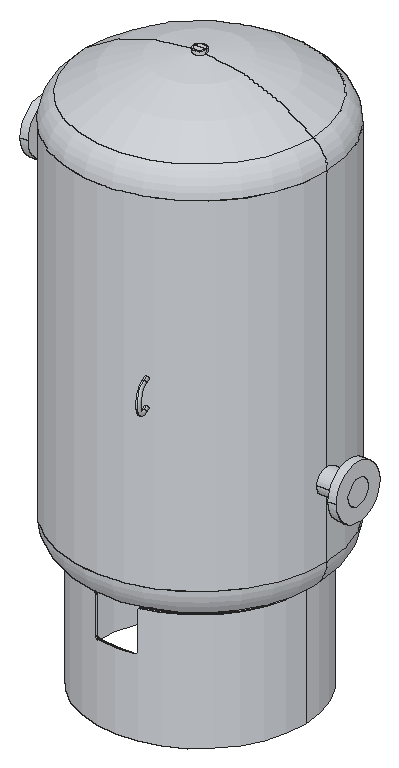
Revit family "HWBT-300-3-125 and 150", category Mechanical Equipment, Revit 2014
Parameters (values of type "HWBT-300-3-125 and 150")
  Tank Weight = "683 lbs @ 125, 751 lbs @ 150"
  Tank Volume = "300 Gal"
  Tank Height = "80 3/8\""
  Tank Diameter = "36\""
  Note = "All dimensions and weights are approximate"
  Maximum Acceptance Volume = "N/A"
  Max Operating Temp = "450° F"
  Max Operating Pressure = "125psi, or 150psi (depending on model)"
  Connector Size = "3\""
Reference planes (in)
  plane 1 "Center (Front/Back)": y = 0
  plane 2: z = 0
  plane 3 "Center (Left/Right)": x = 0
Forms (in)
  Sweep 1, solid
    path origin (0.00567, -0.22084, -0.12453) x (0.338389, -0.941006, 0) y (0, 0, 1)
      loop
        line (17.83546, 48.42089) -> (18.83546, 48.42089)
        arc (18.83546, 48.42089) -> (20.71046, 46.54589) -> (18.83546, 44.67089) r 1.875
        line (18.83546, 44.67089) -> (17.83546, 44.67089)
    profile origin (6.21019, -17.47463, 48.29636) x (0, 0, 1) y (-0.941006, -0.338389, 0)
      loop
        circle (0, 0) r 0.25
  Extrusion 2, solid
    sketch origin (0, 0, 0) x (1, 0, 0) y (0, 1, 0)
      loop
        circle (0, 0) r 15
      loop
        circle (0, 0) r 14.8125
    from 0 to 17
  Extrusion 3, void
    sketch origin (0, 0, 0) x (1, 0, 0) y (0, 0, 1)
      loop
        arc (-3.4137, 17) -> (-3.12117, 16.87883) -> (-3, 16.5863) r 0.4137
        line (-3, 16.5863) -> (-3, 11.4137)
        arc (-3, 11.4137) -> (-2.87883, 11.12117) -> (-2.5863, 11) r 0.4137
        line (-2.5863, 11) -> (2.5863, 11)
        arc (2.5863, 11) -> (2.87883, 11.12117) -> (3, 11.4137) r 0.4137
        line (3, 11.4137) -> (3, 16.5863)
        arc (3, 16.5863) -> (3.12117, 16.87883) -> (3.4137, 17) r 0.4137
        line (3.4137, 17) -> (3.45066, 17.20962) -> (-3.4137, 17.20962) -> (-3.4137, 17)
    from 0 to 18
  Extrusion 4, void
    sketch origin (0, 0, 0) x (1, 0, 0) y (0, 0, 1)
      loop
        line (-6, 17) -> (-6, 2.4137)
        arc (-6, 2.4137) -> (-5.87883, 2.12117) -> (-5.5863, 2) r 0.4137
        line (-5.5863, 2) -> (5.5863, 2)
        arc (5.5863, 2) -> (5.87883, 2.12117) -> (6, 2.4137) r 0.4137
        line (6, 2.4137) -> (6, 17.6637) -> (-6, 17.6637) -> (-6, 17)
    from 0 to -18
  Revolve 5, solid
    sketch origin (0, 0, 0) x (1, 0, 0) y (0, 0, 1)
      loop
        line (0, 80.88747) -> (-0.80591, 80.88747)
        arc (-0.80591, 80.88747) -> (-0.85014, 80.86915) -> (-0.86845, 80.82493) r 0.06254
        line (-0.86845, 80.82493) -> (-0.89214, 80.37289)
        arc (-0.89214, 80.37289) -> (-8.94224, 78.87372) -> (-16.17999, 75.04403) r 27.168
        arc (-16.17999, 75.04403) -> (-17.55638, 73.46039) -> (-18.082, 71.42911) r 4.57937
        line (-18.082, 71.42911) -> (-18.082, 21.72098)
        arc (-18.082, 21.72098) -> (-17.56016, 19.61914) -> (-16.17999, 17.95027) r 4.87859
        arc (-16.17999, 17.95027) -> (-8.93864, 14.12339) -> (-0.88417, 12.63757) r 27.06844
        line (-0.88417, 12.63757) -> (-0.86845, 12.18762)
        arc (-0.86845, 12.18762) -> (-0.85014, 12.1434) -> (-0.80591, 12.12508) r 0.06254
        line (-0.80591, 12.12508) -> (0, 12.12508) -> (0, 80.88747)
      axis (0, 80.88747) -> (0, 12.12508)
    angle from 0 to 360
  Extrusion 6, solid
    sketch origin (0, 0, 0) x (0, 1, 0) y (0, 0, 1)
      loop
        circle (0, 32.125) r 1.75
    from 0 to 22.5
  Extrusion 7, solid
    sketch origin (0, 0, 0) x (0, 1, 0) y (0, 0, 1)
      loop
        circle (0, 63.125) r 1.75
    from 0 to -22.5
  Extrusion 8, solid
    sketch origin (0, 0, 0) x (0, 1, 0) y (0, 0, 1)
      loop
        circle (0, 63.125) r 3.8125
    from -21.3125 to -22.5
  Extrusion 9, solid
    sketch origin (0, 0, 0) x (0, 1, 0) y (0, 0, 1)
      loop
        circle (0, 32.125) r 3.8125
    from 21.3125 to 22.5
Cuts and joins
  Extrusion 3, Extrusion 4 cuts Extrusion 2
Dimensions and locks (in)
  aligned and locked: level to plane 2
